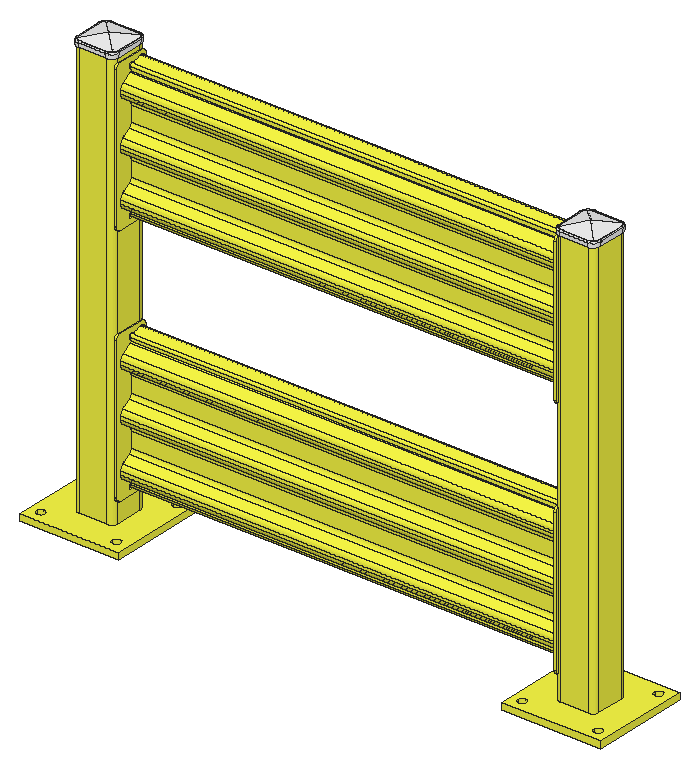
Revit family "Safety & Protection_Barrier_UltiGroup_Traffic Impact Barrier", category Generic Models, Revit 2016
Family settings
  Part Type = Normal
  Can host rebar = No
  Round Connector Dimension = Use Diameter
  OmniClass Number = 23.30.80.17.11
  OmniClass Title = Impact Guard Rails
  Work Plane-Based = No
  Always vertical = Yes
  Cut with Voids When Loaded = No
  Shared = No
  Room Calculation Point = No
Parameters (values of type "1085mm High - Yellow")
  URL = "www.ultigroup.co.nz"
  Top Barrier = yes
  Toll Free Phone = "0800 807 753"
  StyleOrType_ANZRS = ""
  Send Message = "http://ultigroup.co.nz/contact-ulti-group/"
  Right Post = yes
  Post height = 1085 mm
  Post distance [instance] = 1220 mm
  Post cap = Post cap
  Post Yellow = Post Yellow
  Post Galvanised = Post Yellow
  Phone = "07 974 4691"
  ModifiedIssue_ANZRS = 0
  Model = "Ulti Traffic Impact Barrier"
  Manufacturer = "UltiGroup"
  Left Post = yes
  InstallationGroup_ANZRS = 0
  FireRating_ANZRS = ""
  FilterObject_ANZRS = ""
  Fax = "07 846 2467"
  Description = "1085mm High Traffic Impact Barrier, Yellow powder coated Finish"
  CreatedBy_ANZRS = "UltiGroup"
  CreatedByURL_ANZRS = "07 974 4691"
  CreatedByPhoneNo_ANZRS = "www.ultigroup.co.nz"
  Bottom Barrier = yes
  Bolts = Bolts
  Base Plate thickness = 16 mm
  Barrier Yellow = Barrier
  Barrier Galvanised = Barrier
  Address = "17 McKee Street, Te Rapa, Hamilton, 3200, New Zealand"
  AcousticRating_ANZRS = ""
Types (6, lengths in mm): name | Top Barrier | Post height | Post Galvanised | Left Post | Description | Barrier Galvanised
  470mm High - Yellow | no | 470 | Post Yellow | yes | "470mm High Traffic Impact Barrier, Yellow powder coated Finish" | Barrier
  470mm High - Galvanised | no | 470 | Post Galvanised | yes | "470mm High Traffic Impact Barrier, Galvanised Finish" | Barrier Galvanised
  1085mm High - Yellow | yes | 1085 | Post Yellow | yes | "1085mm High Traffic Impact Barrier, Yellow powder coated Finish" | Barrier
  1085mm High - Galvanised | yes | 1085 | Post Galvanised | yes | "1085mm High Traffic Impact Barrier, Galvanised Finish" | Barrier Galvanised
  470mm High - Galvanised 2 | no | 470 | Post Galvanised | no | "470mm High Traffic Impact Barrier, Galvanised Finish" | Barrier Galvanised
  1085mm High - Yellow 2 | yes | 1085 | Post Yellow | no | "1085mm High Traffic Impact Barrier, Yellow powder coated Finish" | Barrier
Reference planes
  plane 1 "Center (Front/Back)": y = 0
  plane 2: z = 0
  plane 3 "Center (Left/Right)": x = 0
  plane 4: x = 1220
  plane 5: x = -50
  plane 6: x = 50
  plane 7: y = 50
  plane 8: y = -50
  plane 9: x = -125
  plane 10: x = 125
  plane 11: y = 125
  plane 12: y = -125
  plane 13: z = 16
  plane 14: z = 1085
  plane 15: x = 1170
  plane 16: x = 1270
  plane 17: x = 1095
  plane 18: x = 1345
  plane 19: x = -96
  plane 20: x = 96
  plane 21: y = 96
  plane 22: y = -96
  plane 23: x = 1124
  plane 24: x = 1316
  plane 25: z = 1075
  plane 26: x = 56
  plane 27: x = 1164
  plane 28: z = 68
  plane 29: z = 448
  plane 30: z = 1063
  plane 31: z = 683
  plane 32: z = 1100.1
Forms (mm)
  Extrusion 1, solid, material "Post Yellow" <- "Post Galvanised", visible <- "Left Post"
    sketch origin (0, 0, 0) x (1, 0, 0) y (0, 1, 0)
      loop
        line (-125, 125) -> (-125, -125) -> (125, -125) -> (125, 125) -> (-125, 125)
      loop
        circle (-96, 96) r 11
      loop
        circle (-96, -96) r 11
      loop
        circle (96, 96) r 11
      loop
        circle (96, -96) r 11
    from 0 to 16
  Extrusion 2, solid, material "Post Yellow" <- "Post Galvanised", visible <- "Left Post"
    sketch origin (-491.886, -1524, 16) x (-1, 0, 0) y (0, -1, 0)
      loop
        arc (-456.886, -1574) -> (-446.28, -1569.607) -> (-441.886, -1559) r 15
        line (-441.886, -1559) -> (-441.886, -1489)
        arc (-441.886, -1489) -> (-446.28, -1478.393) -> (-456.886, -1474) r 15
        line (-456.886, -1474) -> (-526.886, -1474)
        arc (-526.886, -1474) -> (-537.493, -1478.393) -> (-541.886, -1489) r 15
        line (-541.886, -1489) -> (-541.886, -1559)
        arc (-541.886, -1559) -> (-537.493, -1569.607) -> (-526.886, -1574) r 15
        line (-526.886, -1574) -> (-456.886, -1574)
      loop
        arc (-456.886, -1568) -> (-450.522, -1565.364) -> (-447.886, -1559) r 9
        line (-447.886, -1559) -> (-447.886, -1489)
        arc (-447.886, -1489) -> (-450.522, -1482.636) -> (-456.886, -1480) r 9
        line (-456.886, -1480) -> (-526.886, -1480)
        arc (-526.886, -1480) -> (-533.25, -1482.636) -> (-535.886, -1489) r 9
        line (-535.886, -1489) -> (-535.886, -1559)
        arc (-535.886, -1559) -> (-533.25, -1565.364) -> (-526.886, -1568) r 9
        line (-526.886, -1568) -> (-456.886, -1568)
    from 0 to 1069
  Extrusion 3, solid, material "Post Yellow" <- "Post Galvanised", visible <- "Right Post"
    sketch origin (0, 0, 0) x (1, 0, 0) y (0, 1, 0)
      loop
        line (1345, 125) -> (1095, 125) -> (1095, -125) -> (1345, -125) -> (1345, 125)
      loop
        circle (1124, 96) r 11
      loop
        circle (1316, 96) r 11
      loop
        circle (1124, -96) r 11
      loop
        circle (1316, -96) r 11
    from 0 to 16
  Extrusion 4, solid, material "Post Yellow" <- "Post Galvanised", visible <- "Right Post"
    sketch origin (-491.886, -1524, 16) x (-1, 0, 0) y (0, -1, 0)
      loop
        arc (-1761.886, -1559) -> (-1757.493, -1569.607) -> (-1746.886, -1574) r 15
        line (-1746.886, -1574) -> (-1676.886, -1574)
        arc (-1676.886, -1574) -> (-1666.28, -1569.607) -> (-1661.886, -1559) r 15
        line (-1661.886, -1559) -> (-1661.886, -1489)
        arc (-1661.886, -1489) -> (-1666.28, -1478.393) -> (-1676.886, -1474) r 15
        line (-1676.886, -1474) -> (-1746.886, -1474)
        arc (-1746.886, -1474) -> (-1757.493, -1478.393) -> (-1761.886, -1489) r 15
        line (-1761.886, -1489) -> (-1761.886, -1559)
      loop
        arc (-1676.886, -1568) -> (-1670.522, -1565.364) -> (-1667.886, -1559) r 9
        line (-1667.886, -1559) -> (-1667.886, -1489)
        arc (-1667.886, -1489) -> (-1670.522, -1482.636) -> (-1676.886, -1480) r 9
        line (-1676.886, -1480) -> (-1746.886, -1480)
        arc (-1746.886, -1480) -> (-1753.25, -1482.636) -> (-1755.886, -1489) r 9
        line (-1755.886, -1489) -> (-1755.886, -1559)
        arc (-1755.886, -1559) -> (-1753.25, -1565.364) -> (-1746.886, -1568) r 9
        line (-1746.886, -1568) -> (-1676.886, -1568)
    from 0 to 1069
  Extrusion 5, solid, material "Barrier" <- "Barrier Galvanised", visible <- "Bottom Barrier"
    sketch origin (50, 314.333, 1200) x (0, 1, 0) y (0, 0, 1)
      loop
        arc (-349.363, -752) -> (-356.434, -754.929) -> (-359.363, -762) r 10
        line (-359.363, -762) -> (-359.363, -1122)
        arc (-359.363, -1122) -> (-356.434, -1129.071) -> (-349.363, -1132) r 10
        line (-349.363, -1132) -> (-279.363, -1132)
        arc (-279.363, -1132) -> (-272.292, -1129.071) -> (-269.363, -1122) r 10
        line (-269.363, -1122) -> (-269.363, -762)
        arc (-269.363, -762) -> (-272.292, -754.929) -> (-279.363, -752) r 10
        line (-279.363, -752) -> (-349.363, -752)
      loop
        circle (-314.333, -822.045) r 6
      loop
        circle (-314.333, -942.045) r 6
      loop
        circle (-314.333, -1062.045) r 6
      loop
        arc (-321.833, -1113.558) -> (-314.333, -1121.058) -> (-306.833, -1113.558) r 7.5
        line (-306.833, -1113.558) -> (-306.833, -1110.558)
        arc (-306.833, -1110.558) -> (-314.333, -1103.058) -> (-321.833, -1110.558) r 7.5
        line (-321.833, -1110.558) -> (-321.833, -1113.558)
      loop
        arc (-321.833, -773.531) -> (-314.333, -781.031) -> (-306.833, -773.531) r 7.5
        line (-306.833, -773.531) -> (-306.833, -770.531)
        arc (-306.833, -770.531) -> (-314.333, -763.031) -> (-321.833, -770.531) r 7.5
        line (-321.833, -770.531) -> (-321.833, -773.531)
    from 0 to 6
  Extrusion 6, solid, material "Barrier" <- "Barrier Galvanised", visible <- "Bottom Barrier"
    sketch origin (1170, 244.81, 1200) x (0, 1, 0) y (0, 0, 1)
      loop
        arc (-209.84, -1132) -> (-202.769, -1129.071) -> (-199.84, -1122) r 10
        line (-199.84, -1122) -> (-199.84, -762)
        arc (-199.84, -762) -> (-202.769, -754.929) -> (-209.84, -752) r 10
        line (-209.84, -752) -> (-279.84, -752)
        arc (-279.84, -752) -> (-286.911, -754.929) -> (-289.84, -762) r 10
        line (-289.84, -762) -> (-289.84, -1122)
        arc (-289.84, -1122) -> (-286.911, -1129.071) -> (-279.84, -1132) r 10
        line (-279.84, -1132) -> (-209.84, -1132)
      loop
        circle (-244.81, -822.045) r 6
      loop
        line (-252.31, -770.531) -> (-252.31, -773.531)
        arc (-252.31, -773.531) -> (-244.81, -781.031) -> (-237.31, -773.531) r 7.5
        line (-237.31, -773.531) -> (-237.31, -770.531)
        arc (-237.31, -770.531) -> (-244.81, -763.031) -> (-252.31, -770.531) r 7.5
      loop
        circle (-244.81, -942.045) r 6
      loop
        circle (-244.81, -1062.045) r 6
      loop
        line (-252.31, -1110.558) -> (-252.31, -1113.558)
        arc (-252.31, -1113.558) -> (-244.81, -1121.058) -> (-237.31, -1113.558) r 7.5
        line (-237.31, -1113.558) -> (-237.31, -1110.558)
        arc (-237.31, -1110.558) -> (-244.81, -1103.058) -> (-252.31, -1110.558) r 7.5
    from 0 to -6
  Extrusion 7, solid, material "Barrier" <- "Barrier Galvanised", visible <- "Bottom Barrier"
    sketch origin (1164, 314.333, 1200) x (0, 1, 0) y (0, 0, 1)
      loop
        arc (-311.488, -767.965) -> (-315.038, -770.501) -> (-316.397, -774.646) r 7
        line (-316.397, -774.646) -> (-316.397, -782.828)
        arc (-316.397, -782.828) -> (-316.78, -784.295) -> (-317.83, -785.387) r 3
        line (-317.83, -785.387) -> (-342.146, -800.275)
        arc (-342.146, -800.275) -> (-347.399, -805.736) -> (-349.313, -813.067) r 15
        line (-349.313, -813.067) -> (-349.313, -821.46)
        arc (-349.313, -821.46) -> (-347.602, -828.419) -> (-342.857, -833.789) r 15
        line (-342.857, -833.789) -> (-322.765, -847.714)
        arc (-322.765, -847.714) -> (-318.021, -853.084) -> (-316.309, -860.042) r 15
        line (-316.309, -860.042) -> (-316.309, -899.038)
        arc (-316.309, -899.038) -> (-318.037, -906.027) -> (-322.822, -911.406) r 15
        line (-322.822, -911.406) -> (-342.795, -925.111)
        arc (-342.795, -925.111) -> (-347.581, -930.49) -> (-349.309, -937.479) r 15
        line (-349.309, -937.479) -> (-349.309, -946.521)
        arc (-349.309, -946.521) -> (-347.581, -953.51) -> (-342.795, -958.889) r 15
        line (-342.795, -958.889) -> (-322.822, -972.594)
        arc (-322.822, -972.594) -> (-318.037, -977.973) -> (-316.309, -984.962) r 15
        line (-316.309, -984.962) -> (-316.309, -1023.958)
        arc (-316.309, -1023.958) -> (-318.021, -1030.916) -> (-322.765, -1036.286) r 15
        line (-322.765, -1036.286) -> (-342.857, -1050.211)
        arc (-342.857, -1050.211) -> (-347.602, -1055.581) -> (-349.313, -1062.54) r 15
        line (-349.313, -1062.54) -> (-349.313, -1070.933)
        arc (-349.313, -1070.933) -> (-347.399, -1078.264) -> (-342.146, -1083.725) r 15
        line (-342.146, -1083.725) -> (-317.83, -1098.613)
        arc (-317.83, -1098.613) -> (-316.78, -1099.705) -> (-316.397, -1101.172) r 3
        line (-316.397, -1101.172) -> (-316.397, -1109.354)
        arc (-316.397, -1109.354) -> (-315.038, -1113.499) -> (-311.488, -1116.035) r 7
        line (-311.488, -1116.035) -> (-285.257, -1124.247)
        arc (-285.257, -1124.247) -> (-279.691, -1121.769) -> (-281.696, -1116.015) r 4.5
        line (-281.696, -1116.015) -> (-311.401, -1099.591) -> (-312.852, -1102.217) -> (-283.147, -1118.64)
        arc (-283.147, -1118.64) -> (-282.433, -1120.571) -> (-284.319, -1121.397) r 1.5
        line (-284.319, -1121.397) -> (-310.592, -1113.172)
        arc (-310.592, -1113.172) -> (-312.62, -1111.723) -> (-313.397, -1109.354) r 4
        line (-313.397, -1109.354) -> (-313.397, -1101.172)
        arc (-313.397, -1101.172) -> (-314.162, -1098.239) -> (-316.264, -1096.055) r 6
        line (-316.264, -1096.055) -> (-340.579, -1081.167)
        arc (-340.579, -1081.167) -> (-344.782, -1076.798) -> (-346.313, -1070.933) r 12
        line (-346.313, -1070.933) -> (-346.313, -1062.54)
        arc (-346.313, -1062.54) -> (-344.944, -1056.973) -> (-341.149, -1052.677) r 12
        line (-341.149, -1052.677) -> (-321.056, -1038.752)
        arc (-321.056, -1038.752) -> (-315.363, -1032.308) -> (-313.309, -1023.958) r 18
        line (-313.309, -1023.958) -> (-313.309, -984.962)
        arc (-313.309, -984.962) -> (-315.382, -976.575) -> (-321.125, -970.12) r 18
        line (-321.125, -970.12) -> (-341.098, -956.416)
        arc (-341.098, -956.416) -> (-344.927, -952.112) -> (-346.309, -946.521) r 12
        line (-346.309, -946.521) -> (-346.309, -937.479)
        arc (-346.309, -937.479) -> (-344.927, -931.888) -> (-341.098, -927.584) r 12
        line (-341.098, -927.584) -> (-321.125, -913.88)
        arc (-321.125, -913.88) -> (-315.382, -907.425) -> (-313.309, -899.038) r 18
        line (-313.309, -899.038) -> (-313.309, -860.042)
        arc (-313.309, -860.042) -> (-315.363, -851.692) -> (-321.056, -845.248) r 18
        line (-321.056, -845.248) -> (-341.149, -831.323)
        arc (-341.149, -831.323) -> (-344.944, -827.027) -> (-346.313, -821.46) r 12
        line (-346.313, -821.46) -> (-346.313, -813.067)
        arc (-346.313, -813.067) -> (-344.782, -807.202) -> (-340.579, -802.833) r 12
        line (-340.579, -802.833) -> (-316.264, -787.945)
        arc (-316.264, -787.945) -> (-314.162, -785.761) -> (-313.397, -782.828) r 6
        line (-313.397, -782.828) -> (-313.397, -774.646)
        arc (-313.397, -774.646) -> (-312.62, -772.277) -> (-310.592, -770.828) r 4
        line (-310.592, -770.828) -> (-284.319, -762.603)
        arc (-284.319, -762.603) -> (-282.433, -763.429) -> (-283.147, -765.36) r 1.5
        line (-283.147, -765.36) -> (-312.852, -781.783) -> (-311.401, -784.409) -> (-281.739, -768.009)
        arc (-281.739, -768.009) -> (-279.674, -762.251) -> (-285.257, -759.753) r 4.5
        line (-285.257, -759.753) -> (-311.488, -767.965)
    from 0 to -1108
  Extrusion 8, solid, material "Barrier" <- "Barrier Galvanised", visible <- "Top Barrier"
    sketch origin (1170, 244.81, 1200) x (0, 1, 0) y (0, 0, 1)
      loop
        arc (-209.78, -517) -> (-202.709, -514.071) -> (-199.78, -507) r 10
        line (-199.78, -507) -> (-199.78, -147)
        arc (-199.78, -147) -> (-202.709, -139.929) -> (-209.78, -137) r 10
        line (-209.78, -137) -> (-279.78, -137)
        arc (-279.78, -137) -> (-286.851, -139.929) -> (-289.78, -147) r 10
        line (-289.78, -147) -> (-289.78, -507)
        arc (-289.78, -507) -> (-286.851, -514.071) -> (-279.78, -517) r 10
        line (-279.78, -517) -> (-209.78, -517)
      loop
        circle (-244.81, -207) r 6
      loop
        circle (-244.81, -327) r 6
      loop
        circle (-244.81, -447) r 6
      loop
        arc (-252.31, -498.514) -> (-244.81, -506.014) -> (-237.31, -498.514) r 7.5
        line (-237.31, -498.514) -> (-237.31, -495.514)
        arc (-237.31, -495.514) -> (-244.81, -488.014) -> (-252.31, -495.514) r 7.5
        line (-252.31, -495.514) -> (-252.31, -498.514)
      loop
        arc (-237.31, -155.486) -> (-244.81, -147.986) -> (-252.31, -155.486) r 7.5
        line (-252.31, -155.486) -> (-252.31, -158.486)
        arc (-252.31, -158.486) -> (-244.81, -165.986) -> (-237.31, -158.486) r 7.5
        line (-237.31, -158.486) -> (-237.31, -155.486)
    from 0 to -6
  Extrusion 9, solid, material "Barrier" <- "Barrier Galvanised", visible <- "Top Barrier"
    sketch origin (50, 314.333, 1200) x (0, 1, 0) y (0, 0, 1)
      loop
        arc (-349.303, -137) -> (-356.374, -139.929) -> (-359.303, -147) r 10
        line (-359.303, -147) -> (-359.303, -507)
        arc (-359.303, -507) -> (-356.374, -514.071) -> (-349.303, -517) r 10
        line (-349.303, -517) -> (-279.303, -517)
        arc (-279.303, -517) -> (-272.232, -514.071) -> (-269.303, -507) r 10
        line (-269.303, -507) -> (-269.303, -147)
        arc (-269.303, -147) -> (-272.232, -139.929) -> (-279.303, -137) r 10
        line (-279.303, -137) -> (-349.303, -137)
      loop
        circle (-314.333, -207) r 6
      loop
        circle (-314.333, -327) r 6
      loop
        circle (-314.333, -447) r 6
      loop
        line (-321.833, -155.486) -> (-321.833, -158.486)
        arc (-321.833, -158.486) -> (-314.333, -165.986) -> (-306.833, -158.486) r 7.5
        line (-306.833, -158.486) -> (-306.833, -155.486)
        arc (-306.833, -155.486) -> (-314.333, -147.986) -> (-321.833, -155.486) r 7.5
      loop
        line (-306.833, -498.514) -> (-306.833, -495.514)
        arc (-306.833, -495.514) -> (-314.333, -488.014) -> (-321.833, -495.514) r 7.5
        line (-321.833, -495.514) -> (-321.833, -498.514)
        arc (-321.833, -498.514) -> (-314.333, -506.014) -> (-306.833, -498.514) r 7.5
    from 0 to 6
  Extrusion 10, solid, material "Barrier" <- "Barrier Galvanised", visible <- "Top Barrier"
    sketch origin (56, 314.333, 1200) x (0, 1, 0) y (0, 0, 1)
      loop
        line (-285.257, -144.753) -> (-311.488, -152.965)
        arc (-311.488, -152.965) -> (-315.038, -155.501) -> (-316.397, -159.646) r 7
        line (-316.397, -159.646) -> (-316.397, -167.828)
        arc (-316.397, -167.828) -> (-316.78, -169.295) -> (-317.83, -170.387) r 3
        line (-317.83, -170.387) -> (-342.146, -185.275)
        arc (-342.146, -185.275) -> (-347.399, -190.736) -> (-349.313, -198.067) r 15
        line (-349.313, -198.067) -> (-349.313, -206.46)
        arc (-349.313, -206.46) -> (-347.602, -213.419) -> (-342.857, -218.789) r 15
        line (-342.857, -218.789) -> (-322.765, -232.714)
        arc (-322.765, -232.714) -> (-318.021, -238.084) -> (-316.309, -245.042) r 15
        line (-316.309, -245.042) -> (-316.309, -284.038)
        arc (-316.309, -284.038) -> (-318.037, -291.027) -> (-322.822, -296.406) r 15
        line (-322.822, -296.406) -> (-342.795, -310.111)
        arc (-342.795, -310.111) -> (-347.581, -315.49) -> (-349.309, -322.479) r 15
        line (-349.309, -322.479) -> (-349.309, -331.521)
        arc (-349.309, -331.521) -> (-347.581, -338.51) -> (-342.795, -343.889) r 15
        line (-342.795, -343.889) -> (-322.822, -357.594)
        arc (-322.822, -357.594) -> (-318.037, -362.973) -> (-316.309, -369.962) r 15
        line (-316.309, -369.962) -> (-316.309, -408.958)
        arc (-316.309, -408.958) -> (-318.021, -415.916) -> (-322.765, -421.286) r 15
        line (-322.765, -421.286) -> (-342.857, -435.211)
        arc (-342.857, -435.211) -> (-347.602, -440.581) -> (-349.313, -447.54) r 15
        line (-349.313, -447.54) -> (-349.313, -455.933)
        arc (-349.313, -455.933) -> (-347.399, -463.264) -> (-342.146, -468.725) r 15
        line (-342.146, -468.725) -> (-317.83, -483.613)
        arc (-317.83, -483.613) -> (-316.78, -484.705) -> (-316.397, -486.172) r 3
        line (-316.397, -486.172) -> (-316.397, -494.354)
        arc (-316.397, -494.354) -> (-315.038, -498.499) -> (-311.488, -501.035) r 7
        line (-311.488, -501.035) -> (-285.257, -509.247)
        arc (-285.257, -509.247) -> (-279.691, -506.769) -> (-281.696, -501.015) r 4.5
        line (-281.696, -501.015) -> (-311.401, -484.591) -> (-312.852, -487.217) -> (-283.147, -503.64)
        arc (-283.147, -503.64) -> (-282.433, -505.571) -> (-284.319, -506.397) r 1.5
        line (-284.319, -506.397) -> (-310.592, -498.172)
        arc (-310.592, -498.172) -> (-312.62, -496.723) -> (-313.397, -494.354) r 4
        line (-313.397, -494.354) -> (-313.397, -486.172)
        arc (-313.397, -486.172) -> (-314.162, -483.239) -> (-316.264, -481.055) r 6
        line (-316.264, -481.055) -> (-340.579, -466.167)
        arc (-340.579, -466.167) -> (-344.782, -461.798) -> (-346.313, -455.933) r 12
        line (-346.313, -455.933) -> (-346.313, -447.54)
        arc (-346.313, -447.54) -> (-344.944, -441.973) -> (-341.149, -437.677) r 12
        line (-341.149, -437.677) -> (-321.056, -423.752)
        arc (-321.056, -423.752) -> (-315.363, -417.308) -> (-313.309, -408.958) r 18
        line (-313.309, -408.958) -> (-313.309, -369.962)
        arc (-313.309, -369.962) -> (-315.382, -361.575) -> (-321.125, -355.12) r 18
        line (-321.125, -355.12) -> (-341.098, -341.416)
        arc (-341.098, -341.416) -> (-344.927, -337.112) -> (-346.309, -331.521) r 12
        line (-346.309, -331.521) -> (-346.309, -322.479)
        arc (-346.309, -322.479) -> (-344.927, -316.888) -> (-341.098, -312.584) r 12
        line (-341.098, -312.584) -> (-321.125, -298.88)
        arc (-321.125, -298.88) -> (-315.382, -292.425) -> (-313.309, -284.038) r 18
        line (-313.309, -284.038) -> (-313.309, -245.042)
        arc (-313.309, -245.042) -> (-315.363, -236.692) -> (-321.056, -230.248) r 18
        line (-321.056, -230.248) -> (-341.149, -216.323)
        arc (-341.149, -216.323) -> (-344.944, -212.027) -> (-346.313, -206.46) r 12
        line (-346.313, -206.46) -> (-346.313, -198.067)
        arc (-346.313, -198.067) -> (-344.782, -192.202) -> (-340.579, -187.833) r 12
        line (-340.579, -187.833) -> (-316.264, -172.945)
        arc (-316.264, -172.945) -> (-314.162, -170.761) -> (-313.397, -167.828) r 6
        line (-313.397, -167.828) -> (-313.397, -159.646)
        arc (-313.397, -159.646) -> (-312.62, -157.277) -> (-310.592, -155.828) r 4
        line (-310.592, -155.828) -> (-284.319, -147.603)
        arc (-284.319, -147.603) -> (-282.433, -148.429) -> (-283.147, -150.36) r 1.5
        line (-283.147, -150.36) -> (-312.852, -166.783) -> (-311.401, -169.409) -> (-281.739, -153.009)
        arc (-281.739, -153.009) -> (-279.674, -147.251) -> (-285.257, -144.753) r 4.5
    from 0 to 1108
  Extrusion 11, solid, material "Bolts" <- "Bolts", visible <- "Top Barrier"
    sketch origin (56, 314.333, 1200) x (0, 1, 0) y (0, 0, 1)
      loop
        circle (-314.333, -207) r 6
      loop
        circle (-314.333, -327) r 6
      loop
        circle (-314.333, -447) r 6
    from -18 to 0
  Extrusion 12, solid, material "Bolts" <- "Bolts", visible <- "Top Barrier"
    sketch origin (56, 314.333, 1200) x (0, 1, 0) y (0, 0, 1)
      loop
        circle (-314.333, -207) r 12
      loop
        circle (-314.333, -327) r 12
      loop
        circle (-314.333, -447) r 12
    from 0 to 2
  Extrusion 13, solid, material "Bolts" <- "Bolts", visible <- "Top Barrier"
    sketch origin (56, 314.333, 1200) x (0, 1, 0) y (0, 0, 1)
      loop
        line (-303.333, -207) -> (-308.833, -197.474) -> (-319.833, -197.474) -> (-325.333, -207) -> (-319.833, -216.526) -> (-308.833, -216.526) -> (-303.333, -207)
      loop
        line (-303.333, -327) -> (-308.833, -317.474) -> (-319.833, -317.474) -> (-325.333, -327) -> (-319.833, -336.526) -> (-308.833, -336.526) -> (-303.333, -327)
      loop
        line (-303.333, -447) -> (-308.833, -437.474) -> (-319.833, -437.474) -> (-325.333, -447) -> (-319.833, -456.526) -> (-308.833, -456.526) -> (-303.333, -447)
    from 0 to 10
  Extrusion 14, solid, material "Bolts" <- "Bolts", visible <- "Bottom Barrier"
    sketch origin (56, 314.333, 1200) x (0, 1, 0) y (0, 0, 1)
      loop
        circle (-314.333, -822.045) r 6
      loop
        circle (-314.333, -942.045) r 6
      loop
        circle (-314.333, -1062.045) r 6
    from -18 to 0
  Extrusion 15, solid, material "Bolts" <- "Bolts", visible <- "Bottom Barrier"
    sketch origin (56, 314.333, 1200) x (0, 1, 0) y (0, 0, 1)
      loop
        circle (-314.333, -822) r 12
      loop
        circle (-314.333, -942) r 12
      loop
        circle (-314.333, -1062) r 12
    from 0 to 2
  Extrusion 16, solid, material "Bolts" <- "Bolts", visible <- "Bottom Barrier"
    sketch origin (56, 314.333, 1200) x (0, 1, 0) y (0, 0, 1)
      loop
        line (-303.333, -822) -> (-308.833, -812.474) -> (-319.833, -812.474) -> (-325.333, -822) -> (-319.833, -831.526) -> (-308.833, -831.526) -> (-303.333, -822)
      loop
        line (-303.307, -942.045) -> (-308.82, -932.496) -> (-319.846, -932.496) -> (-325.359, -942.045) -> (-319.846, -951.593) -> (-308.82, -951.593) -> (-303.307, -942.045)
      loop
        line (-303.333, -1062) -> (-308.833, -1052.474) -> (-319.833, -1052.474) -> (-325.333, -1062) -> (-319.833, -1071.526) -> (-308.833, -1071.526) -> (-303.333, -1062)
    from 0 to 10
  Extrusion 17, solid, material "Bolts" <- "Bolts", visible <- "Top Barrier"
    sketch origin (1164, 314.333, 1200) x (0, 1, 0) y (0, 0, 1)
      loop
        circle (-314.333, -207) r 6
      loop
        circle (-314.333, -327) r 6
      loop
        circle (-314.333, -447) r 6
    from 0 to 18
  Extrusion 18, solid, material "Bolts" <- "Bolts", visible <- "Top Barrier"
    sketch origin (1164, 314.333, 1200) x (0, 1, 0) y (0, 0, 1)
      loop
        circle (-314.333, -207) r 12
      loop
        circle (-314.333, -327) r 12
      loop
        circle (-314.333, -447) r 12
    from -2 to 0
  Extrusion 19, solid, material "Bolts" <- "Bolts", visible <- "Top Barrier"
    sketch origin (1164, 314.333, 1200) x (0, 1, 0) y (0, 0, 1)
      loop
        line (-325.333, -207) -> (-319.833, -216.526) -> (-308.833, -216.526) -> (-303.333, -207) -> (-308.833, -197.474) -> (-319.833, -197.474) -> (-325.333, -207)
      loop
        line (-325.333, -327) -> (-319.833, -336.526) -> (-308.833, -336.526) -> (-303.333, -327) -> (-308.833, -317.474) -> (-319.833, -317.474) -> (-325.333, -327)
      loop
        line (-325.333, -447) -> (-319.833, -456.526) -> (-308.833, -456.526) -> (-303.333, -447) -> (-308.833, -437.474) -> (-319.833, -437.474) -> (-325.333, -447)
    from -10 to 0
  Extrusion 20, solid, material "Bolts" <- "Bolts", visible <- "Bottom Barrier"
    sketch origin (1164, 314.333, 1200) x (0, 1, 0) y (0, 0, 1)
      loop
        circle (-314.333, -822.045) r 6
      loop
        circle (-314.333, -942.045) r 6
      loop
        circle (-314.333, -1062.045) r 6
    from 0 to 18
  Extrusion 21, solid, material "Bolts" <- "Bolts", visible <- "Bottom Barrier"
    sketch origin (1164, 314.333, 1200) x (0, 1, 0) y (0, 0, 1)
      loop
        circle (-314.333, -822) r 12
      loop
        circle (-314.333, -942) r 12
      loop
        circle (-314.333, -1062) r 12
    from -2 to 0
  Extrusion 22, solid, material "Bolts" <- "Bolts", visible <- "Bottom Barrier"
    sketch origin (1164, 314.333, 1200) x (0, 1, 0) y (0, 0, 1)
      loop
        line (-325.307, -822.045) -> (-319.82, -831.549) -> (-308.846, -831.549) -> (-303.359, -822.045) -> (-308.846, -812.54) -> (-319.82, -812.54) -> (-325.307, -822.045)
      loop
        line (-325.359, -942.045) -> (-319.846, -951.593) -> (-308.82, -951.593) -> (-303.307, -942.045) -> (-308.82, -932.496) -> (-319.846, -932.496) -> (-325.359, -942.045)
      loop
        line (-325.307, -1062.045) -> (-319.82, -1071.549) -> (-308.846, -1071.549) -> (-303.359, -1062.045) -> (-308.846, -1052.54) -> (-319.82, -1052.54) -> (-325.307, -1062.045)
    from -10 to 0
  Extrusion 23, solid, material "Post cap" <- "Post cap", visible <- "Left Post"
    sketch origin (-760.87, -1524, 1085) x (-1, 0, 0) y (0, -1, 0)
      loop
        line (-725.87, -1474) -> (-795.87, -1474)
        arc (-795.87, -1474) -> (-806.477, -1478.393) -> (-810.87, -1489) r 15
        line (-810.87, -1489) -> (-810.87, -1559)
        arc (-810.87, -1559) -> (-806.477, -1569.607) -> (-795.87, -1574) r 15
        line (-795.87, -1574) -> (-725.87, -1574)
        arc (-725.87, -1574) -> (-715.264, -1569.607) -> (-710.87, -1559) r 15
        line (-710.87, -1559) -> (-710.87, -1489)
        arc (-710.87, -1489) -> (-715.264, -1478.393) -> (-725.87, -1474) r 15
    from 0 to 15.1
  Extrusion 24, void
    sketch origin (-242.805, -50, 1200) x (1, 0, 0) y (0, 0, 1)
      loop
        line (192.805, -99.9) -> (192.805, -111.923) -> (242.805, -99.9) -> (192.805, -99.9)
    from 0 to -100
  Extrusion 25, void
    sketch origin (-242.805, -50, 1200) x (1, 0, 0) y (0, 0, 1)
      loop
        line (292.805, -99.9) -> (242.805, -99.9) -> (292.805, -111.915) -> (292.805, -99.9)
    from 0 to -100
  Extrusion 26, void
    sketch origin (-50, 244.81, 1200) x (0, -1, 0) y (0, 0, 1)
      loop
        line (244.81, -99.9) -> (294.81, -111.99) -> (294.81, -99.9) -> (244.81, -99.9)
    from 0 to -100
  Extrusion 27, void
    sketch origin (-50, 244.81, 1200) x (0, -1, 0) y (0, 0, 1)
      loop
        line (194.81, -111.981) -> (244.81, -99.9) -> (194.81, -99.9) -> (194.81, -111.981)
    from 0 to -100
  Sweep 28, solid, material "Post cap" <- "Post cap", visible <- "Left Post"
    path in 3D
      loop
        arc (50, -35, 1085) -> (45.607, -45.607, 1085) -> (35, -50, 1085) r 15
        line (35, -50, 1085) -> (-35, -50, 1085)
        arc (-35, -50, 1085) -> (-45.607, -45.607, 1085) -> (-50, -35, 1085) r 15
        line (-50, -35, 1085) -> (-50, 35, 1085)
        arc (-50, 35, 1085) -> (-45.607, 45.607, 1085) -> (-35, 50, 1085) r 15
        line (-35, 50, 1085) -> (35, 50, 1085)
        arc (35, 50, 1085) -> (45.607, 45.607, 1085) -> (50, 35, 1085) r 15
        line (50, 35, 1085) -> (50, -35, 1085)
    profile origin (50, 0, 1085) x (-1, 0, 0) y (0, 0, -1)
      loop
        line (0, 10) -> (-3.07, 10) -> (-3.07, 0.017)
        arc (-3.07, 0.017) -> (-2.426, -1.84) -> (-0.771, -2.9) r 3
        line (-0.771, -2.9) -> (0, -3.085) -> (0, 10)
  Extrusion 29, solid, material "Post cap" <- "Post cap", visible <- "Right Post"
    sketch origin (-760.87, -1524, 1085) x (-1, 0, 0) y (0, -1, 0)
      loop
        arc (-1945.87, -1574) -> (-1935.264, -1569.607) -> (-1930.87, -1559) r 15
        line (-1930.87, -1559) -> (-1930.87, -1489)
        arc (-1930.87, -1489) -> (-1935.264, -1478.393) -> (-1945.87, -1474) r 15
        line (-1945.87, -1474) -> (-2015.87, -1474)
        arc (-2015.87, -1474) -> (-2026.477, -1478.393) -> (-2030.87, -1489) r 15
        line (-2030.87, -1489) -> (-2030.87, -1559)
        arc (-2030.87, -1559) -> (-2026.477, -1569.607) -> (-2015.87, -1574) r 15
        line (-2015.87, -1574) -> (-1945.87, -1574)
    from 0 to 15.1
  Extrusion 30, void
    sketch origin (-242.805, -50, 1200) x (1, 0, 0) y (0, 0, 1)
      loop
        line (1462.805, -99.9) -> (1515.876, -112.653) -> (1515.876, -99.9) -> (1462.805, -99.9)
    from 0 to -100
  Extrusion 31, void
    sketch origin (-242.805, -50, 1200) x (1, 0, 0) y (0, 0, 1)
      loop
        line (1409.77, -99.9) -> (1409.77, -112.653) -> (1462.805, -99.9) -> (1409.77, -99.9)
    from 0 to -100
  Extrusion 32, void
    sketch origin (1270, 314.333, 1200) x (0, -1, 0) y (0, 0, 1)
      loop
        line (314.333, -99.9) -> (261.263, -99.9) -> (261.263, -112.714) -> (314.333, -99.9)
    from 0 to 100
  Extrusion 33, void
    sketch origin (1270, 314.333, 1200) x (0, -1, 0) y (0, 0, 1)
      loop
        line (367.403, -99.9) -> (314.333, -99.9) -> (367.403, -112.741) -> (367.403, -99.9)
    from 0 to 100
  Sweep 34, solid, material "Post cap" <- "Post cap", visible <- "Right Post"
    path in 3D
      loop
        arc (1270, -35, 1085) -> (1265.607, -45.607, 1085) -> (1255, -50, 1085) r 15
        line (1255, -50, 1085) -> (1185, -50, 1085)
        arc (1185, -50, 1085) -> (1174.393, -45.607, 1085) -> (1170, -35, 1085) r 15
        line (1170, -35, 1085) -> (1170, 35, 1085)
        arc (1170, 35, 1085) -> (1174.393, 45.607, 1085) -> (1185, 50, 1085) r 15
        line (1185, 50, 1085) -> (1255, 50, 1085)
        arc (1255, 50, 1085) -> (1265.607, 45.607, 1085) -> (1270, 35, 1085) r 15
        line (1270, 35, 1085) -> (1270, -35, 1085)
    profile origin (1270, 0, 1085) x (-1, 0, 0) y (0, 0, -1)
      loop
        line (0, 10) -> (-3.07, 10) -> (-3.07, 0.017)
        arc (-3.07, 0.017) -> (-2.426, -1.84) -> (-0.771, -2.9) r 3
        line (-0.771, -2.9) -> (0, -3.085) -> (0, 10)
Cuts and joins
  joined: Extrusion 1, Extrusion 2
  joined: Extrusion 3, Extrusion 4
  joined: Extrusion 5, Extrusion 6, Extrusion 7
  joined: Extrusion 8, Extrusion 9, Extrusion 10
  joined: Extrusion 11, Extrusion 12, Extrusion 13
  joined: Extrusion 14, Extrusion 15, Extrusion 16
  joined: Extrusion 17, Extrusion 18, Extrusion 19
  joined: Extrusion 20, Extrusion 21, Extrusion 22
  Extrusion 24, Extrusion 25, Extrusion 26, Extrusion 27 cuts Extrusion 23
  Extrusion 30, Extrusion 31, Extrusion 32, Extrusion 33 cuts Extrusion 29
Lines and regions (mm)
  sketch lines
    curve 1: line (50, 35, 1085) -> (50, -35, 1085)
    curve 2: arc (50, 35, 1085) -> (45.607, 45.607, 1085) -> (35, 50, 1085) r 15
    curve 3: line (-35, 50, 1085) -> (35, 50, 1085)
    curve 4: arc (-35, 50, 1085) -> (-45.607, 45.607, 1085) -> (-50, 35, 1085) r 15
    curve 5: line (-50, -35, 1085) -> (-50, 35, 1085)
    curve 6: arc (-50, -35, 1085) -> (-45.607, -45.607, 1085) -> (-35, -50, 1085) r 15
    curve 7: line (35, -50, 1085) -> (-35, -50, 1085)
    curve 8: arc (35, -50, 1085) -> (45.607, -45.607, 1085) -> (50, -35, 1085) r 15
    curve 9: line (1270, 35, 1085) -> (1270, -35, 1085)
    curve 10: arc (1270, 35, 1085) -> (1265.607, 45.607, 1085) -> (1255, 50, 1085) r 15
    curve 11: line (1185, 50, 1085) -> (1255, 50, 1085)
    curve 12: arc (1185, 50, 1085) -> (1174.393, 45.607, 1085) -> (1170, 35, 1085) r 15
    curve 13: line (1170, -35, 1085) -> (1170, 35, 1085)
    curve 14: arc (1170, -35, 1085) -> (1174.393, -45.607, 1085) -> (1185, -50, 1085) r 15
    curve 15: line (1255, -50, 1085) -> (1185, -50, 1085)
    curve 16: arc (1255, -50, 1085) -> (1265.607, -45.607, 1085) -> (1270, -35, 1085) r 15
Dimensions and locks
  "Post distance": plane 3 "Center (Left/Right)" to plane 4
  locked: plane 5 to plane 3 "Center (Left/Right)" at 50
  locked: plane 3 "Center (Left/Right)" to plane 6 at 50
  locked: plane 9 to plane 3 "Center (Left/Right)" at 125
  locked: plane 3 "Center (Left/Right)" to plane 10 at 125
  locked: plane 1 "Center (Front/Back)" to plane 8 at 50
  locked: plane 1 "Center (Front/Back)" to plane 7 at 50
  locked: plane 12 to plane 1 "Center (Front/Back)" at 125
  locked: plane 1 "Center (Front/Back)" to plane 11 at 125
  "Base Plate thickness": plane 13 to plane 2
  "Post height": plane 14 to plane 2
  locked: plane 15 to plane 4 at 50
  locked: plane 4 to plane 16 at 50
  locked: plane 17 to plane 4 at 125
  locked: plane 4 to plane 18 at 125
  locked: plane 9 to plane 19 at 29
  locked: plane 20 to plane 10 at 29
  locked: plane 22 to plane 12 at 29
  locked: plane 11 to plane 21 at 29
  locked: plane 17 to plane 23 at 29
  locked: plane 24 to plane 18 at 29
  locked: plane 14 to plane 25 at 10
  locked: plane 6 to plane 26 at 6
  locked: plane 27 to plane 15 at 6
  locked: plane 28 to plane 2 at 68
  locked: plane 29 to plane 28 at 380
  locked: plane 30 to plane 31 at 380
  locked: plane 31 to plane 29 at 235
  locked: plane 32 to plane 14 at 15.1
  aligned and locked: level to plane 2
  aligned and locked: Extrusion 1 sketch curve to plane 11
  aligned and locked: Extrusion 1 sketch curve to plane 12
  aligned and locked: Extrusion 1 sketch curve to plane 9
  aligned and locked: Extrusion 1 sketch curve to plane 10
  aligned and locked: Extrusion 1 sketch curve to plane 21  (x2)
  aligned and locked: Extrusion 1 sketch curve to plane 19  (x2)
  aligned and locked: Extrusion 1 sketch curve to plane 22  (x2)
  aligned and locked: Extrusion 1 sketch curve to plane 20  (x2)
  aligned and locked: Extrusion 1 to plane 2
  aligned and locked: plane 13 to Extrusion 1
  aligned and locked: Extrusion 2 sketch curve to plane 7
  aligned and locked: Extrusion 2 sketch curve to plane 8
  aligned and locked: Extrusion 2 sketch curve to plane 5
  aligned and locked: Extrusion 2 sketch curve to plane 6
  aligned and locked: plane 14 to Extrusion 2
  aligned and locked: Extrusion 2 to plane 13
  aligned and locked: Extrusion 3 sketch curve to plane 18
  aligned and locked: Extrusion 3 sketch curve to plane 17
  aligned and locked: plane 11 to Extrusion 3 sketch curve
  aligned and locked: plane 12 to Extrusion 3 sketch curve
  aligned and locked: Extrusion 3 sketch curve to plane 23  (x2)
  aligned and locked: Extrusion 3 sketch curve to plane 21  (x2)
  aligned and locked: Extrusion 3 sketch curve to plane 24  (x2)
  aligned and locked: Extrusion 3 sketch curve to plane 22  (x2)
  aligned and locked: Extrusion 3 to plane 2
  aligned and locked: Extrusion 3 to plane 13
  aligned and locked: Extrusion 4 sketch curve to plane 16
  aligned and locked: Extrusion 4 sketch curve to plane 15
  aligned and locked: plane 7 to Extrusion 4 sketch curve
  aligned and locked: plane 8 to Extrusion 4 sketch curve
  aligned and locked: Extrusion 4 to plane 14
  aligned and locked: plane 13 to Extrusion 4
  aligned and locked: Extrusion 5 sketch curve to plane 29
  aligned and locked: Extrusion 5 sketch curve to plane 28
  aligned and locked: plane 1 "Center (Front/Back)" to Extrusion 5 sketch curve  (x4)
  aligned and locked: plane 26 to Extrusion 5
  aligned and locked: Extrusion 5 to plane 6
  aligned and locked: plane 28 to Extrusion 6 sketch curve
  aligned and locked: plane 29 to Extrusion 6 sketch curve
  aligned and locked: plane 1 "Center (Front/Back)" to Extrusion 6 sketch curve  (x7)
  aligned and locked: Extrusion 6 to plane 27
  aligned and locked: plane 15 to Extrusion 6
  aligned and locked: Extrusion 7 to plane 26
  aligned and locked: plane 27 to Extrusion 7
  aligned and locked: plane 31 to Extrusion 8 sketch curve
  aligned and locked: plane 30 to Extrusion 8 sketch curve
  aligned and locked: plane 1 "Center (Front/Back)" to Extrusion 8 sketch curve  (x7)
  aligned and locked: Extrusion 8 to plane 27
  aligned and locked: plane 15 to Extrusion 8
  aligned and locked: Extrusion 9 sketch curve to plane 30
  aligned and locked: Extrusion 9 sketch curve to plane 31
  aligned and locked: plane 1 "Center (Front/Back)" to Extrusion 9 sketch curve  (x7)
  aligned and locked: plane 26 to Extrusion 9
  aligned and locked: Extrusion 9 to plane 6
  aligned and locked: Extrusion 10 to plane 26
  aligned and locked: plane 27 to Extrusion 10
  aligned and locked: Extrusion 11 sketch curve to cut or joined group of Extrusion 8, Extrusion 9, Extrusion 10  (x6)
  aligned and locked: plane 1 "Center (Front/Back)" to Extrusion 12 sketch curve  (x3)
  aligned and locked: Extrusion 14 sketch curve to cut or joined group of Extrusion 5, Extrusion 6, Extrusion 7  (x6)
  aligned and locked: Extrusion 17 sketch curve to cut or joined group of Extrusion 11, Extrusion 12, Extrusion 13  (x6)
  aligned and locked: Extrusion 20 sketch curve to cut or joined group of Extrusion 14, Extrusion 15, Extrusion 16  (x6)
  aligned and locked: Extrusion 23 sketch curve to cut or joined group of Extrusion 1, Extrusion 2  (x4)
  aligned and locked: Extrusion 23 to plane 14
  aligned and locked: plane 8 to Extrusion 24
  aligned and locked: plane 7 to Extrusion 24
  aligned and locked: Extrusion 24 sketch curve to plane 32
  aligned and locked: Extrusion 24 sketch curve to plane 5
  aligned and locked: Extrusion 25 sketch curve to plane 6
  aligned and locked: Extrusion 25 sketch curve to plane 32
  aligned and locked: plane 8 to Extrusion 25
  aligned and locked: plane 7 to Extrusion 25
  aligned and locked: Extrusion 26 sketch curve to plane 32
  aligned and locked: Extrusion 26 sketch curve to plane 8
  aligned and locked: plane 5 to Extrusion 26
  aligned and locked: plane 6 to Extrusion 26
  aligned and locked: Extrusion 27 sketch curve to plane 7
  aligned and locked: Extrusion 27 sketch curve to plane 32
  aligned and locked: plane 5 to Extrusion 27
  aligned and locked: plane 6 to Extrusion 27
  aligned and locked: plane 25 to Sweep 28 sketch curve
  aligned and locked: profile plane to Sweep 28 sketch curve
  aligned and locked: Extrusion 29 sketch curve to cut or joined group of Extrusion 3, Extrusion 4  (x4)
  aligned and locked: plane 32 to Extrusion 29
  aligned and locked: plane 14 to Extrusion 29
  aligned and locked: Extrusion 30 sketch curve to plane 32
  aligned and locked: Extrusion 30 to plane 8
  aligned and locked: Extrusion 30 to plane 7
  aligned and locked: Extrusion 31 sketch curve to plane 32
  aligned and locked: Extrusion 31 to plane 8
  aligned and locked: Extrusion 31 to plane 7
  aligned and locked: plane 32 to Extrusion 32 sketch curve
  aligned and locked: plane 16 to Extrusion 32
  aligned and locked: Extrusion 32 to plane 15
  aligned and locked: plane 32 to Extrusion 33 sketch curve
  aligned and locked: plane 16 to Extrusion 33
  aligned and locked: Extrusion 33 to plane 15
  aligned and locked: plane 25 to Sweep 34 sketch curve
  aligned and locked: profile plane to Sweep 34 sketch curve
Automatic sketch dimensions
  Extrusion 2 sketch curve to Extrusion 2 sketch curve = 15 mm  (x2)
  plane 5 to Extrusion 2 sketch curve = 15 mm  (x2)
  Extrusion 2 sketch curve to Extrusion 2 sketch curve = 0 mm  (x7)
  plane 5 to Extrusion 2 sketch curve = 6 mm
  Extrusion 4 sketch curve to plane 16 = 15 mm
  Extrusion 4 sketch curve to Extrusion 4 sketch curve = 15 mm
  plane 15 to Extrusion 4 sketch curve = 15 mm  (x2)
  Extrusion 4 sketch curve to Extrusion 4 sketch curve = 0 mm  (x7)
  plane 15 to Extrusion 4 sketch curve = 6 mm
  Extrusion 5 sketch curve to plane 1 "Center (Front/Back)" = 0 mm
  Extrusion 5 sketch curve to Extrusion 5 sketch curve = 7.5 mm  (x2)
  plane 8 to Extrusion 5 sketch curve = 14.97 mm  (x2)
  plane 8 to Extrusion 5 sketch curve = 4.97 mm
  Extrusion 5 sketch curve to plane 7 = 15.03 mm  (x2)
  Extrusion 5 sketch curve to plane 7 = 5.03 mm
  plane 28 to Extrusion 5 sketch curve = 18.442 mm
  Extrusion 5 sketch curve to Extrusion 5 sketch curve = 3 mm  (x2)
  Extrusion 5 sketch curve to Extrusion 5 sketch curve = 48.514 mm
  Extrusion 5 sketch curve to Extrusion 5 sketch curve = 120 mm
  Extrusion 5 sketch curve to Extrusion 5 sketch curve = 60.045 mm
  Extrusion 5 sketch curve to plane 29 = 21.531 mm
  Extrusion 6 sketch curve to Extrusion 6 sketch curve = 7.5 mm  (x2)
  plane 8 to Extrusion 6 sketch curve = 14.97 mm  (x2)
  plane 8 to Extrusion 6 sketch curve = 4.97 mm
  Extrusion 6 sketch curve to plane 7 = 15.03 mm  (x2)
  Extrusion 6 sketch curve to plane 7 = 5.03 mm
  Extrusion 6 sketch curve to Extrusion 6 sketch curve = 59.955 mm
  Extrusion 6 sketch curve to Extrusion 6 sketch curve = 120 mm
  Extrusion 6 sketch curve to Extrusion 6 sketch curve = 60.045 mm
  Extrusion 6 sketch curve to plane 29 = 21.531 mm
  Extrusion 6 sketch curve to Extrusion 6 sketch curve = 3 mm  (x2)
  plane 28 to Extrusion 6 sketch curve = 18.442 mm
  Extrusion 7 sketch curve to plane 29 = 7.753 mm
  Extrusion 7 sketch curve to Extrusion 7 sketch curve = 1.444 mm
  Extrusion 7 sketch curve to plane 1 "Center (Front/Back)" = 2.845 mm  (x2)
  Extrusion 7 sketch curve to Extrusion 7 sketch curve = 2.075 mm
  Extrusion 7 sketch curve to plane 29 = 15.965 mm
  Extrusion 7 sketch curve to Extrusion 7 sketch curve = 0 mm  (x32)
  Extrusion 7 sketch curve to Extrusion 7 sketch curve = 0.505 mm
  Extrusion 7 sketch curve to Extrusion 7 sketch curve = 1.412 mm
  Extrusion 7 sketch curve to Extrusion 7 sketch curve = 0.896 mm  (x2)
  Extrusion 7 sketch curve to Extrusion 7 sketch curve = 0.666 mm  (x2)
  Extrusion 7 sketch curve to Extrusion 7 sketch curve = 2.863 mm
  Extrusion 7 sketch curve to plane 1 "Center (Front/Back)" = 1.481 mm
  Extrusion 7 sketch curve to Extrusion 7 sketch curve = 10.955 mm
  Extrusion 7 sketch curve to plane 1 "Center (Front/Back)" = 2.932 mm
  Extrusion 7 sketch curve to Extrusion 7 sketch curve = 2.625 mm
  Extrusion 7 sketch curve to Extrusion 7 sketch curve = 1.195 mm
  Extrusion 7 sketch curve to Extrusion 7 sketch curve = 3.817 mm
  Extrusion 7 sketch curve to plane 1 "Center (Front/Back)" = 0.936 mm
  Extrusion 7 sketch curve to Extrusion 7 sketch curve = 1.045 mm  (x2)
  Extrusion 7 sketch curve to Extrusion 7 sketch curve = 3 mm
  Extrusion 7 sketch curve to Extrusion 7 sketch curve = 1.433 mm
  plane 1 "Center (Front/Back)" to Extrusion 7 sketch curve = 1.931 mm  (x2)
  plane 8 to Extrusion 7 sketch curve = 22.187 mm
  Extrusion 7 sketch curve to Extrusion 7 sketch curve = 14.888 mm  (x2)
  Extrusion 7 sketch curve to Extrusion 7 sketch curve = 1.567 mm  (x4)
  Extrusion 7 sketch curve to Extrusion 7 sketch curve = 2.559 mm  (x3)
  Extrusion 7 sketch curve to Extrusion 7 sketch curve = 6.266 mm
  Extrusion 7 sketch curve to Extrusion 7 sketch curve = 10.234 mm
  Extrusion 7 sketch curve to Extrusion 7 sketch curve = 8.393 mm  (x2)
  Extrusion 7 sketch curve to Extrusion 7 sketch curve = 3.456 mm
  Extrusion 7 sketch curve to Extrusion 7 sketch curve = 1.709 mm  (x4)
  plane 1 "Center (Front/Back)" to Extrusion 7 sketch curve = 6.723 mm  (x2)
  Extrusion 7 sketch curve to Extrusion 7 sketch curve = 13.924 mm  (x2)
  Extrusion 7 sketch curve to Extrusion 7 sketch curve = 2.466 mm  (x2)
  Extrusion 7 sketch curve to Extrusion 7 sketch curve = 8.544 mm
  Extrusion 7 sketch curve to Extrusion 7 sketch curve = 12.329 mm
  Extrusion 7 sketch curve to Extrusion 7 sketch curve = 15 mm  (x2)
  plane 1 "Center (Front/Back)" to Extrusion 7 sketch curve = 8.489 mm
  Extrusion 7 sketch curve to Extrusion 7 sketch curve = 1.697 mm  (x4)
  plane 8 to Extrusion 7 sketch curve = 21.538 mm
  Extrusion 7 sketch curve to Extrusion 7 sketch curve = 13.705 mm  (x2)
  Extrusion 7 sketch curve to Extrusion 7 sketch curve = 2.474 mm  (x2)
  Extrusion 7 sketch curve to Extrusion 7 sketch curve = 6.789 mm
  Extrusion 7 sketch curve to Extrusion 7 sketch curve = 9.895 mm
  Extrusion 7 sketch curve to Extrusion 7 sketch curve = 9.042 mm
  Extrusion 7 sketch curve to Extrusion 7 sketch curve = 3.513 mm
  plane 1 "Center (Front/Back)" to Extrusion 7 sketch curve = 6.792 mm
  Extrusion 7 sketch curve to Extrusion 7 sketch curve = 8.487 mm
  Extrusion 7 sketch curve to Extrusion 7 sketch curve = 12.368 mm
  Extrusion 7 sketch curve to Extrusion 7 sketch curve = 38.995 mm
  plane 8 to Extrusion 7 sketch curve = 21.476 mm
  Extrusion 7 sketch curve to Extrusion 7 sketch curve = 6.835 mm
  Extrusion 7 sketch curve to Extrusion 7 sketch curve = 9.863 mm
  Extrusion 7 sketch curve to Extrusion 7 sketch curve = 4.167 mm
  Extrusion 7 sketch curve to Extrusion 7 sketch curve = 8.183 mm
  Extrusion 7 sketch curve to Extrusion 7 sketch curve = 4 mm
  Extrusion 7 sketch curve to plane 7 = 19.986 mm
  plane 28 to Extrusion 7 sketch curve = 7.753 mm
  Extrusion 7 sketch curve to Extrusion 7 sketch curve = 0.938 mm
  Extrusion 7 sketch curve to Extrusion 7 sketch curve = 0.498 mm
  Extrusion 7 sketch curve to Extrusion 7 sketch curve = 1.415 mm
  Extrusion 7 sketch curve to Extrusion 7 sketch curve = 2.125 mm
  Extrusion 7 sketch curve to Extrusion 7 sketch curve = 0.008 mm
  Extrusion 7 sketch curve to Extrusion 7 sketch curve = 0.003 mm
  Extrusion 7 sketch curve to Extrusion 7 sketch curve = 0.544 mm
  Extrusion 7 sketch curve to Extrusion 7 sketch curve = 1.996 mm
  Extrusion 7 sketch curve to Extrusion 7 sketch curve = 1.58 mm
  plane 8 to Extrusion 8 sketch curve = 15.03 mm  (x2)
  Extrusion 8 sketch curve to plane 30 = 10 mm
  Extrusion 8 sketch curve to plane 7 = 14.97 mm  (x2)
  Extrusion 8 sketch curve to plane 7 = 4.97 mm
  Extrusion 8 sketch curve to Extrusion 8 sketch curve = 60 mm  (x2)
  Extrusion 8 sketch curve to Extrusion 8 sketch curve = 120 mm
  Extrusion 8 sketch curve to Extrusion 8 sketch curve = 7.5 mm  (x2)
  plane 31 to Extrusion 8 sketch curve = 18.486 mm
  Extrusion 8 sketch curve to Extrusion 8 sketch curve = 3 mm  (x2)
  Extrusion 8 sketch curve to plane 30 = 21.486 mm
  plane 8 to Extrusion 9 sketch curve = 15.03 mm  (x2)
  Extrusion 9 sketch curve to plane 30 = 10 mm
  Extrusion 9 sketch curve to plane 7 = 14.97 mm  (x2)
  Extrusion 9 sketch curve to plane 7 = 4.97 mm
  Extrusion 9 sketch curve to Extrusion 9 sketch curve = 60 mm  (x2)
  Extrusion 9 sketch curve to Extrusion 9 sketch curve = 120 mm
  plane 1 "Center (Front/Back)" to Extrusion 9 sketch curve = 7.5 mm  (x2)
  Extrusion 9 sketch curve to plane 30 = 21.486 mm
  Extrusion 9 sketch curve to Extrusion 9 sketch curve = 3 mm  (x2)
  plane 31 to Extrusion 9 sketch curve = 18.486 mm
  Extrusion 10 sketch curve to Extrusion 10 sketch curve = 0 mm  (x32)
  Extrusion 10 sketch curve to plane 7 = 19.48 mm
  Extrusion 10 sketch curve to Extrusion 10 sketch curve = 0.666 mm  (x2)
  Extrusion 10 sketch curve to plane 30 = 13.36 mm
  Extrusion 10 sketch curve to Extrusion 10 sketch curve = 1.344 mm
  Extrusion 10 sketch curve to Extrusion 10 sketch curve = 0.505 mm
  Extrusion 10 sketch curve to Extrusion 10 sketch curve = 0.938 mm  (x2)
  Extrusion 10 sketch curve to plane 1 "Center (Front/Back)" = 1.481 mm
  Extrusion 10 sketch curve to Extrusion 10 sketch curve = 1.408 mm
  Extrusion 10 sketch curve to Extrusion 10 sketch curve = 2.649 mm
  Extrusion 10 sketch curve to Extrusion 10 sketch curve = 2.625 mm
  Extrusion 10 sketch curve to plane 1 "Center (Front/Back)" = 3.741 mm
  Extrusion 10 sketch curve to Extrusion 10 sketch curve = 10.955 mm
  Extrusion 10 sketch curve to plane 1 "Center (Front/Back)" = 2.845 mm  (x2)
  Extrusion 10 sketch curve to Extrusion 10 sketch curve = 2.863 mm
  Extrusion 10 sketch curve to Extrusion 10 sketch curve = 1.195 mm
  Extrusion 10 sketch curve to Extrusion 10 sketch curve = 3.817 mm
  Extrusion 10 sketch curve to Extrusion 10 sketch curve = 1.045 mm  (x3)
  Extrusion 10 sketch curve to Extrusion 10 sketch curve = 3 mm
  Extrusion 10 sketch curve to Extrusion 10 sketch curve = 1.433 mm
  plane 1 "Center (Front/Back)" to Extrusion 10 sketch curve = 1.931 mm  (x2)
  plane 8 to Extrusion 10 sketch curve = 22.187 mm
  Extrusion 10 sketch curve to Extrusion 10 sketch curve = 14.888 mm  (x2)
  Extrusion 10 sketch curve to Extrusion 10 sketch curve = 1.567 mm  (x4)
  Extrusion 10 sketch curve to Extrusion 10 sketch curve = 2.559 mm  (x3)
  Extrusion 10 sketch curve to Extrusion 10 sketch curve = 6.266 mm
  Extrusion 10 sketch curve to Extrusion 10 sketch curve = 10.234 mm
  Extrusion 10 sketch curve to Extrusion 10 sketch curve = 8.393 mm  (x2)
  Extrusion 10 sketch curve to Extrusion 10 sketch curve = 3.456 mm
  Extrusion 10 sketch curve to Extrusion 10 sketch curve = 1.709 mm  (x4)
  plane 1 "Center (Front/Back)" to Extrusion 10 sketch curve = 6.723 mm
  Extrusion 10 sketch curve to Extrusion 10 sketch curve = 13.924 mm  (x2)
  Extrusion 10 sketch curve to Extrusion 10 sketch curve = 2.466 mm  (x2)
  Extrusion 10 sketch curve to Extrusion 10 sketch curve = 8.544 mm
  Extrusion 10 sketch curve to Extrusion 10 sketch curve = 12.329 mm
  Extrusion 10 sketch curve to Extrusion 10 sketch curve = 15 mm  (x2)
  plane 1 "Center (Front/Back)" to Extrusion 10 sketch curve = 8.489 mm
  Extrusion 10 sketch curve to Extrusion 10 sketch curve = 1.697 mm  (x4)
  plane 8 to Extrusion 10 sketch curve = 21.538 mm
  Extrusion 10 sketch curve to Extrusion 10 sketch curve = 13.705 mm  (x2)
  Extrusion 10 sketch curve to Extrusion 10 sketch curve = 2.474 mm  (x2)
  Extrusion 10 sketch curve to Extrusion 10 sketch curve = 6.789 mm
  Extrusion 10 sketch curve to Extrusion 10 sketch curve = 9.895 mm
  Extrusion 10 sketch curve to Extrusion 10 sketch curve = 9.042 mm
  Extrusion 10 sketch curve to Extrusion 10 sketch curve = 3.513 mm
  plane 1 "Center (Front/Back)" to Extrusion 10 sketch curve = 6.792 mm
  Extrusion 10 sketch curve to Extrusion 10 sketch curve = 8.487 mm
  Extrusion 10 sketch curve to Extrusion 10 sketch curve = 12.368 mm
  Extrusion 10 sketch curve to Extrusion 10 sketch curve = 38.995 mm
  plane 1 "Center (Front/Back)" to Extrusion 10 sketch curve = 8.432 mm
  plane 8 to Extrusion 10 sketch curve = 21.476 mm
  Extrusion 10 sketch curve to Extrusion 10 sketch curve = 6.835 mm
  Extrusion 10 sketch curve to Extrusion 10 sketch curve = 9.863 mm
  Extrusion 10 sketch curve to Extrusion 10 sketch curve = 4.167 mm
  Extrusion 10 sketch curve to Extrusion 10 sketch curve = 8.183 mm
  Extrusion 10 sketch curve to Extrusion 10 sketch curve = 4 mm
  Extrusion 10 sketch curve to Extrusion 10 sketch curve = 0.896 mm
  Extrusion 10 sketch curve to plane 7 = 19.986 mm
  plane 31 to Extrusion 10 sketch curve = 7.753 mm
  Extrusion 10 sketch curve to Extrusion 10 sketch curve = 0.498 mm
  Extrusion 10 sketch curve to Extrusion 10 sketch curve = 1.415 mm
  Extrusion 10 sketch curve to Extrusion 10 sketch curve = 2.125 mm
  Extrusion 10 sketch curve to Extrusion 10 sketch curve = 0.008 mm
  Extrusion 10 sketch curve to Extrusion 10 sketch curve = 0.003 mm
  Extrusion 10 sketch curve to Extrusion 10 sketch curve = 0.544 mm
  Extrusion 10 sketch curve to Extrusion 10 sketch curve = 1.996 mm
  Extrusion 10 sketch curve to Extrusion 10 sketch curve = 1.58 mm
  plane 31 to Extrusion 12 sketch curve = 70 mm
  Extrusion 12 sketch curve to Extrusion 12 sketch curve = 120 mm
  Extrusion 12 sketch curve to plane 30 = 70 mm
  Extrusion 15 sketch curve to plane 1 "Center (Front/Back)" = 0 mm  (x3)
  plane 28 to Extrusion 15 sketch curve = 70 mm
  Extrusion 15 sketch curve to Extrusion 15 sketch curve = 120 mm
  Extrusion 15 sketch curve to plane 29 = 70 mm
  Extrusion 18 sketch curve to plane 1 "Center (Front/Back)" = 0 mm  (x3)
  plane 31 to Extrusion 18 sketch curve = 70 mm
  Extrusion 18 sketch curve to Extrusion 18 sketch curve = 120 mm
  Extrusion 18 sketch curve to plane 30 = 70 mm
  Extrusion 21 sketch curve to plane 1 "Center (Front/Back)" = 0 mm  (x3)
  plane 28 to Extrusion 21 sketch curve = 70 mm
  Extrusion 21 sketch curve to Extrusion 21 sketch curve = 120 mm
  Extrusion 21 sketch curve to plane 29 = 70 mm
  plane 14 to Extrusion 24 sketch curve = 3.077 mm
  Extrusion 24 sketch curve to plane 3 "Center (Left/Right)" = 0 mm
  plane 14 to Extrusion 25 sketch curve = 3.085 mm
  Extrusion 25 sketch curve to plane 3 "Center (Left/Right)" = 0 mm
  plane 14 to Extrusion 26 sketch curve = 3.01 mm
  Extrusion 26 sketch curve to plane 1 "Center (Front/Back)" = 0 mm
  plane 14 to Extrusion 27 sketch curve = 3.019 mm
  Extrusion 27 sketch curve to plane 1 "Center (Front/Back)" = 0 mm
  Extrusion 30 sketch curve to plane 4 = 0 mm
  plane 16 to Extrusion 30 sketch curve = 3.07 mm
  plane 14 to Extrusion 30 sketch curve = 2.347 mm
  Extrusion 31 sketch curve to plane 4 = 0 mm
  plane 14 to Extrusion 31 sketch curve = 2.347 mm
  plane 27 to Extrusion 31 sketch curve = 2.964 mm
  Extrusion 32 sketch curve to plane 1 "Center (Front/Back)" = 0 mm
  plane 14 to Extrusion 32 sketch curve = 2.286 mm
  plane 7 to Extrusion 32 sketch curve = 3.07 mm
  Extrusion 33 sketch curve to plane 1 "Center (Front/Back)" = 0 mm
  plane 14 to Extrusion 33 sketch curve = 2.259 mm
  Extrusion 33 sketch curve to plane 8 = 3.07 mm
  profile plane to Sweep 34 sketch curve = 0.07 mm
  profile plane to Sweep 34 sketch curve = 0.771 mm
  profile plane to Sweep 34 sketch curve = 0.017 mm
  Sweep 34 sketch curve to Sweep 34 sketch curve = 3 mm
  Sweep 34 sketch curve to profile plane = 3.085 mm
  profile plane to Sweep 28 sketch curve = 0.07 mm
  profile plane to Sweep 28 sketch curve = 0.771 mm
  profile plane to Sweep 28 sketch curve = 0.017 mm
  Sweep 28 sketch curve to Sweep 28 sketch curve = 3 mm
  Sweep 28 sketch curve to Sweep 28 sketch curve = 0.185 mm
  radius of Extrusion 1 sketch curve = 11 mm  (x4)
  radius of Extrusion 3 sketch curve = 11 mm  (x4)
  radius of Extrusion 5 sketch curve = 6 mm  (x3)
  radius of Extrusion 6 sketch curve = 6 mm  (x3)
  radius of Extrusion 8 sketch curve = 6 mm  (x3)
  radius of Extrusion 9 sketch curve = 6 mm  (x3)
  radius of Extrusion 12 sketch curve = 12 mm  (x3)
  radius of Extrusion 15 sketch curve = 12 mm  (x3)
  radius of Extrusion 18 sketch curve = 12 mm  (x3)
  radius of Extrusion 21 sketch curve = 12 mm  (x3)
